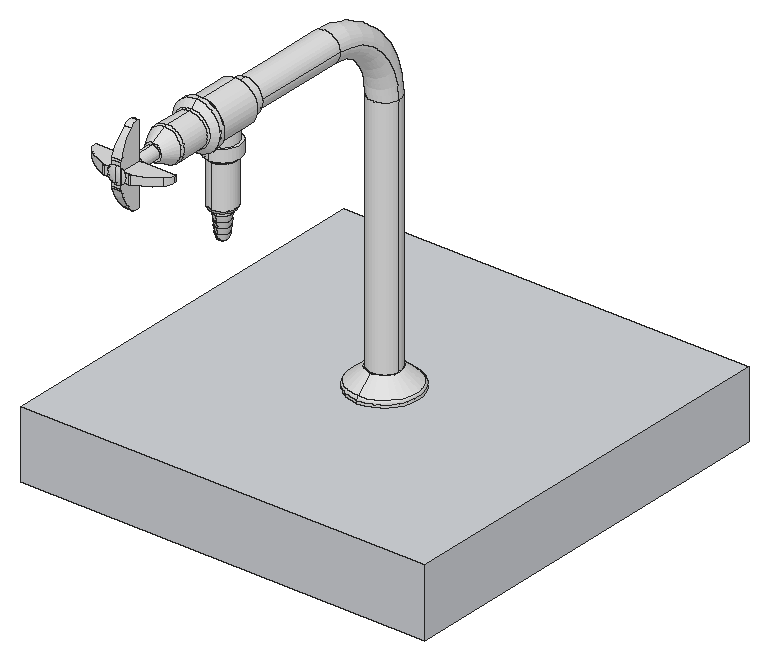
Revit family
Parameters (values of type "TL17FJ16C")
  WELSRating_ANZRS = "5 star"
  URL = "www.galvinengineering.com.au"
  Type Comments = "TL17"
  TubeNozzleVisibility = yes
  StyleOrType_ANZRS = "Plumbing Fixture"
  Seating = "Jumper Valve"
  PlumbingMaterial_ANZRS = Metal_Taps_DR-Brass-with-Chrome-Finish_10800
  Outlet = "XT Tube Nozzle with Integral Mini Dual Check Valve"
  ModifiedIssue_ANZRS = 20120305.01  # constant formula
  Model = "TL17FJ16C"
  Manufacturer = "Galvin Engineering"
  Keynote = "15400"
  Instructions = "http://www.galvinengineering.com.au/Installation_Guides_1.aspx"
  Inlet = "15mm Male"
  FlowRate = 0.10 L/s
  FilterObject_ANZRS = "TL17"
  Description = "Lab Set 1-Way with Right Angle Valve Type 17"
  Default Elevation = 900 mm
  CreatedBy_ANZRS = "Galvin Engineering"
  CreatedByURL_ANZRS = "www.galvinengineering.com.au"
  CreatedByPhoneNo_ANZRS = "61-8-92495900"
  Circulation_ANZRS = yes
  Assembly Code = "D2010"
  AeratorVisibility = not(TubeNozzleVisibility)  # no
Types (3, lengths in mm): name | TubeNozzleVisibility | Outlet | Model | AeratorVisibility
  (no name) | yes | "XT Tube Nozzle with Integral Mini Dual Check Valve" | "TL17FJ16C" | no
  TL17FJ1C | no | "#1 Aerator" | "TL17FJ1C" | yes
  TL17FJ16C | yes | "XT Tube Nozzle with Integral Mini Dual Check Valve" | "TL17FJ16C" | no
Reference planes
  plane 1 "Center (Front/Back)": y = 0
  plane 2 "Face": z = 0
  plane 3 "Center (Left/Right)": x = 0
  plane 4 "ConnectorHost": z = 0
Forms (mm)
  Extrusion 1, solid
    sketch origin (0, -719.2, 0) x (1, 0, 0) y (0, 1, 0)
      loop
        line (-150, 869.2) -> (-150, 569.2) -> (150, 569.2) -> (150, 869.2) -> (-150, 869.2)
    from 0 to -50
  Sweep 2, solid, material "Metal_Taps_DR-Brass-with-Chrome-Finish_10800" <- "PlumbingMaterial_ANZRS"
    path origin (0, 0, 0) x (0, 1, 0) y (0, 0, 1)
      loop
        line (-137.499, 250) -> (-55.113, 250)
        arc (-55.113, 250) -> (-16.142, 233.858) -> (0, 194.888) r 55.113
        line (0, 194.888) -> (0, 14.3)
    profile origin (0, 0, 104.594) x (1, 0, 0) y (0, 1, 0)
      loop
        circle (0, 0) r 11.11
  Revolve 3, solid, material "Metal_Taps_DR-Brass-with-Chrome-Finish_10800" <- "PlumbingMaterial_ANZRS", visible <- "AeratorVisibility"
    sketch origin (0, 0, 0) x (0, 1, 0) y (0, 0, 1)
      loop
        line (-138.387, 227.905) -> (-137.299, 227.905) -> (-137.299, 230.227)
        arc (-137.299, 230.227) -> (-137.445, 230.581) -> (-137.799, 230.727) r 0.5
        line (-137.799, 230.727) -> (-150.006, 230.727) -> (-150.006, 227.905) -> (-141.447, 227.905) -> (-141.447, 210) -> (-138.987, 210)
        arc (-138.987, 210) -> (-138.566, 211.402) -> (-138.387, 212.855) r 8.634
        line (-138.387, 212.855) -> (-138.387, 227.905)
      axis (-150.006, 230.727) -> (-150.006, 210)
    angle from 0 to 360
  Revolve 4, solid, material "Metal_Taps_DR-Brass-with-Chrome-Finish_10800" <- "PlumbingMaterial_ANZRS"
    sketch origin (0, 0, 0) x (0, 1, 0) y (0, 0, 1)
      loop
        arc (-231.399, 220.362) -> (-230.279, 220.772) -> (-229.807, 221.867) r 1.507
        line (-229.807, 221.867) -> (-229.807, 278.133)
        arc (-229.807, 278.133) -> (-230.263, 279.213) -> (-231.355, 279.64) r 1.507
        arc (-231.355, 279.64) -> (-234.824, 278.988) -> (-237.78, 277.058) r 9.043
        arc (-237.78, 277.058) -> (-243.983, 269.251) -> (-248.073, 260.158) r 40.19
        arc (-248.073, 260.158) -> (-248.239, 259.428) -> (-248.295, 258.682) r 5.024
        line (-248.295, 258.682) -> (-248.295, 241.183)
        arc (-248.295, 241.183) -> (-248.239, 240.438) -> (-248.074, 239.709) r 5.024
        arc (-248.074, 239.709) -> (-244.058, 230.726) -> (-237.979, 222.988) r 40.19
        arc (-237.979, 222.988) -> (-234.957, 221.004) -> (-231.399, 220.362) r 9.043
      axis (-206.045, 279.64) -> (-206.045, 220.362)
    angle from -4.66 to 4.66
  Revolve 5, solid, material "Metal_Taps_DR-Brass-with-Chrome-Finish_10800" <- "PlumbingMaterial_ANZRS"
    sketch origin (-110.242, 100.536, 250.001) x (-1, 0, 0) y (0, -1, 0)
      loop
        arc (-139.881, 331.934) -> (-139.471, 330.815) -> (-138.376, 330.343) r 1.507
        line (-138.376, 330.343) -> (-82.11, 330.343)
        arc (-82.11, 330.343) -> (-81.03, 330.799) -> (-80.603, 331.89) r 1.507
        arc (-80.603, 331.89) -> (-81.255, 335.36) -> (-83.186, 338.316) r 9.043
        arc (-83.186, 338.316) -> (-90.992, 344.519) -> (-100.085, 348.609) r 40.19
        arc (-100.085, 348.609) -> (-100.815, 348.775) -> (-101.562, 348.831) r 5.024
        line (-101.562, 348.831) -> (-119.061, 348.831)
        arc (-119.061, 348.831) -> (-119.806, 348.775) -> (-120.534, 348.61) r 5.024
        arc (-120.534, 348.61) -> (-129.517, 344.593) -> (-137.255, 338.514) r 40.19
        arc (-137.255, 338.514) -> (-139.239, 335.492) -> (-139.881, 331.934) r 9.043
      axis (-80.603, 306.581) -> (-139.881, 306.581)
    angle from -4.66 to 4.66
  Revolve 6, solid, material "Metal_Taps_DR-Brass-with-Chrome-Finish_10800" <- "PlumbingMaterial_ANZRS"
    sketch origin (0, 0, 0) x (0, 1, 0) y (0, 0, 1)
      loop
        arc (-249.293, 250) -> (-249, 246.649) -> (-248.129, 243.4) r 19.294
        line (-248.129, 243.4) -> (-248.129, 249.115) -> (-229.729, 249.115) -> (-229.729, 245.27) -> (-214.499, 245.27) -> (-214.499, 243.5) -> (-203.579, 237.858)
        arc (-203.579, 237.858) -> (-202.464, 237.441) -> (-201.283, 237.3) r 5
        line (-201.283, 237.3) -> (-180.534, 237.3)
        arc (-180.534, 237.3) -> (-179.589, 237.115) -> (-178.785, 236.586) r 2.5
        line (-178.785, 236.586) -> (-174.249, 232.141) -> (-170.749, 232.141)
        arc (-170.749, 232.141) -> (-169.91, 233.123) -> (-169.507, 234.35) r 3.334
        line (-169.507, 234.35) -> (-137.499, 234.35) -> (-137.499, 237.5) -> (-128.499, 237.5) -> (-128.499, 250) -> (-249.293, 250)
      axis (-128.499, 250) -> (-249.293, 250)
    angle from 0 to 360
  Revolve 7, solid, material "Metal_Taps_DR-Brass-with-Chrome-Finish_10800" <- "PlumbingMaterial_ANZRS"
    sketch origin (0, 0, 0) x (0, 1, 0) y (0, 0, 1)
      loop
        line (0, 0) -> (25.15, 0) -> (25.15, 2)
        arc (25.15, 2) -> (24.87, 3.266) -> (24.082, 4.295) r 3
        line (24.082, 4.295) -> (12.2, 14.3) -> (0, 14.3) -> (0, 0)
      axis (0, 14.3) -> (0, 0)
    angle from 0 to 360
  Revolve 8, solid, material "Metal_Taps_DR-Brass-with-Chrome-Finish_10800" <- "PlumbingMaterial_ANZRS", visible <- "TubeNozzleVisibility"
    sketch origin (0, 0, 0) x (0, 1, 0) y (0, 0, 1)
      loop
        line (-150, 230.722) -> (-162.7, 230.722) -> (-162.7, 221.927) -> (-161.914, 221.927) -> (-160.177, 220.128)
        arc (-160.177, 220.128) -> (-159.933, 219.752) -> (-159.847, 219.311) r 1.176
        line (-159.847, 219.311) -> (-159.847, 187.7)
        arc (-159.847, 187.7) -> (-159.261, 186.286) -> (-157.847, 185.7) r 2
        line (-157.847, 185.7) -> (-155.549, 185.7) -> (-155.549, 182.2) -> (-156.349, 182.2) -> (-155.053, 177.9) -> (-155.849, 177.9) -> (-154.599, 173.6) -> (-155.399, 173.6) -> (-154.068, 169.3) -> (-154.849, 169.3) -> (-153.729, 165.446)
        arc (-153.729, 165.446) -> (-153.506, 165.124) -> (-153.135, 165) r 0.618
        line (-153.135, 165) -> (-150, 165) -> (-150, 230.722)
      axis (-150, 165) -> (-150, 230.722)
    angle from 0 to 360
  Revolve 9, solid, material "Metal_Taps_DR-Brass-with-Chrome-Finish_10800" <- "PlumbingMaterial_ANZRS"
    sketch origin (0, 0, 0) x (0, 1, 0) y (0, 0, 1)
      loop
        line (-150.006, 230.727) -> (-139.499, 230.727) -> (-139.499, 239.356) -> (-150.006, 239.356) -> (-150.006, 230.727)
      axis (-150.006, 239.356) -> (-150.006, 230.727)
    angle from 0 to 360
Lines and regions (mm)
  symbolic lines, style "Taps/Mixers"
    curve 1: line (-11.11, 0, 0) -> (-11.11, -128.499, 0)
    curve 2: line (11.11, -128.499, 0) -> (11.11, 0, 0)
    curve 3: arc (11.11, -22.699, 0) -> (0, 25.272, 0) -> (-11.11, -22.699, 0) r 25.272
    curve 4: arc (0, -24.082, 4.295) -> (0, -24.87, 3.266) -> (0, -25.15, 2) r 3
    curve 5: arc (0, 25.15, 2) -> (0, 24.87, 3.266) -> (0, 24.082, 4.295) r 3
    curve 6: line (0, 11.112, 14.3) -> (0, 11.112, 194.888)
    curve 7: line (0, 12.2, 14.3) -> (0, -12.2, 14.3)
    curve 8: line (0, 25.15, 2) -> (0, -25.15, 2)
    curve 9: line (0, -25.15, 0) -> (0, -25.15, 2)
    curve 10: line (0, -12.2, 14.3) -> (0, -24.082, 4.295)
    curve 11: line (0, 12.2, 14.3) -> (0, 24.082, 4.295)
    curve 12: line (0, 25.15, 2) -> (0, 25.15, 0)
    curve 13: line (0, 25.15, 0) -> (0, -25.15, 0)
    curve 14: line (0, -11.113, 194.888) -> (0, -11.113, 14.3)
    curve 15: arc (0, -174.271, 250.073) -> (0, -175.557, 256.358) -> (0, -174.317, 262.652) r 16.296
    curve 16: arc (0, -170.709, 262.652) -> (0, -169.469, 256.358) -> (0, -170.755, 250.073) r 16.296
    curve 17: arc (0, -178.811, 263.423) -> (0, -179.626, 262.878) -> (0, -180.587, 262.687) r 2.512
    curve 18: arc (0, -170.755, 267.871) -> (0, -169.482, 265.273) -> (0, -170.709, 262.652) r 3.35
    curve 19: arc (0, -174.271, 262.615) -> (0, -175.544, 265.243) -> (0, -174.271, 267.871) r 3.35
    curve 20: arc (0, -203.622, 262.127) -> (0, -202.503, 262.545) -> (0, -201.316, 262.687) r 5.024
    curve 21: arc (0, -180.587, 237.313) -> (0, -179.626, 237.122) -> (0, -178.811, 236.577) r 2.512
    curve 22: arc (0, -170.755, 250.073) -> (0, -169.469, 243.729) -> (0, -170.755, 237.385) r 16.296
    curve 23: arc (0, -174.271, 237.385) -> (0, -175.557, 243.729) -> (0, -174.271, 250.073) r 16.296
    curve 24: arc (0, -174.271, 232.129) -> (0, -175.544, 234.757) -> (0, -174.271, 237.385) r 3.35
    curve 25: arc (0, -170.755, 237.385) -> (0, -169.482, 234.757) -> (0, -170.755, 232.129) r 3.35
    curve 26: arc (0, -201.316, 237.313) -> (0, -202.503, 237.455) -> (0, -203.622, 237.873) r 5.024
    curve 27: arc (0, -248.129, 243.427) -> (0, -249.293, 250.027) -> (0, -248.129, 256.627) r 19.294
    curve 28: arc (0, -247.908, 260.337) -> (0, -243.911, 269.278) -> (0, -237.86, 276.979) r 40
    curve 29: arc (0, -237.86, 276.979) -> (0, -234.853, 278.954) -> (0, -231.312, 279.593) r 9
    curve 30: arc (0, -231.312, 279.593) -> (0, -230.198, 279.185) -> (0, -229.729, 278.095) r 1.5
    curve 31: arc (0, -248.129, 258.864) -> (0, -248.073, 259.609) -> (0, -247.908, 260.337) r 5.024
    curve 32: arc (0, -245.924, 253.442) -> (0, -247.061, 253.962) -> (0, -247.807, 254.965) r 2.512
    curve 33: arc (0, -247.807, 254.965) -> (0, -247.996, 255.509) -> (0, -248.129, 256.07) r 5.554
    curve 34: arc (0, -237.614, 222.987) -> (0, -243.817, 230.793) -> (0, -247.907, 239.886) r 40.19
    curve 35: arc (0, -231.251, 220.404) -> (0, -234.687, 221.068) -> (0, -237.614, 222.987) r 9.043
    curve 36: arc (0, -229.729, 221.911) -> (0, -230.175, 220.84) -> (0, -231.251, 220.404) r 1.507
    curve 37: arc (0, -247.907, 239.886) -> (0, -248.073, 240.616) -> (0, -248.129, 241.363) r 5.024
    curve 38: arc (0, -247.876, 245.081) -> (0, -247.141, 246.13) -> (0, -245.985, 246.681) r 2.512
    curve 39: arc (0, -248.129, 242.167) -> (0, -248.198, 243.641) -> (0, -247.876, 245.081) r 5.554
    curve 40: line (0, -203.622, 237.873) -> (0, -214.499, 243.493)
    curve 41: line (0, -214.499, 243.493) -> (0, -214.499, 256.507)
    curve 42: line (0, -214.499, 256.507) -> (0, -203.622, 262.127)
    curve 43: line (0, -180.587, 262.687) -> (0, -201.283, 262.687)
    curve 44: line (0, -201.283, 262.687) -> (0, -201.283, 237.313)
    curve 45: line (0, -201.283, 237.313) -> (0, -180.587, 237.313)
    curve 46: line (0, -175.527, 264.91) -> (0, -175.527, 234.424)
    curve 47: line (0, -170.755, 262.615) -> (0, -174.271, 262.615)
    curve 48: line (0, -170.755, 267.871) -> (0, -174.271, 267.871)
    curve 49: line (0, -174.271, 267.871) -> (0, -178.811, 263.423)
    curve 50: line (0, -169.499, 265.576) -> (0, -169.499, 234.424)
    curve 51: line (0, -170.755, 250.073) -> (0, -174.271, 250.073)
    curve 52: line (0, -170.755, 232.129) -> (0, -174.271, 232.129)
    curve 53: line (0, -174.271, 232.129) -> (0, -178.811, 236.577)
    curve 54: line (0, -170.755, 237.385) -> (0, -174.271, 237.385)
    curve 55: line (0, -248.129, 258.864) -> (0, -248.129, 241.363)
    curve 56: line (0, -229.729, 278.095) -> (0, -229.729, 221.911)
    curve 57: line (0, -229.729, 252.122) -> (0, -245.924, 253.442)
    curve 58: line (0, -214.499, 254.718) -> (0, -229.729, 254.718)
    curve 59: line (0, -229.729, 248.103) -> (0, -245.985, 246.681)
    curve 60: line (0, -214.499, 245.258) -> (0, -229.729, 245.258)
    curve 61: line (0, -128.499, 238.888) -> (0, -55.113, 238.888)
    curve 62: line (0, -128.499, 261.113) -> (0, -55.113, 261.113)
    curve 63: arc (0, -11.113, 194.888) -> (0, -24, 226) -> (0, -55.113, 238.888) r 44
    curve 64: arc (0, 11.112, 194.888) -> (0, -8.284, 241.716) -> (0, -55.113, 261.113) r 66.225
    curve 65: line (0, -169.507, 265.65) -> (0, -137.499, 265.65)
    curve 66: line (0, -169.507, 234.35) -> (0, -160.499, 234.35)
    curve 67: arc (0, -139.499, 234.35) -> (0, -149.999, 239.356) -> (0, -160.499, 234.35) r 13.515
    curve 68: line (0, -160.499, 234.35) -> (0, -160.499, 232.487)
    curve 69: line (0, -139.499, 234.35) -> (0, -139.499, 232.487)
    curve 70: line (0, -137.499, 234.35) -> (0, -139.499, 234.35)
    curve 71: line (0, -137.499, 265.65) -> (0, -137.499, 234.35)
    curve 72: line (0, -160.199, 232.505) -> (0, -139.799, 232.505)
    curve 73: arc (0, -160.199, 232.505) -> (0, -161.967, 231.773) -> (0, -162.699, 230.005) r 2.5
    curve 74: line (0, -162.699, 230.005) -> (0, -162.699, 227.905)
    curve 75: line (0, -162.699, 227.905) -> (0, -137.299, 227.905)
    curve 76: arc (0, -137.299, 230.005) -> (0, -138.031, 231.773) -> (0, -139.799, 232.505) r 2.5
    curve 77: line (0, -137.299, 227.905) -> (0, -137.299, 230.005)
    curve 83: line (0, -137.499, 262.5) -> (0, -128.499, 262.5)
    curve 84: line (0, -128.499, 262.5) -> (0, -128.499, 237.5)
    curve 85: line (0, -128.499, 237.5) -> (0, -137.499, 237.5)
    curve 86: arc (-24.082, 0, 4.295) -> (-24.868, 0, 3.27) -> (-25.15, 0, 2.01) r 3
    curve 87: arc (25.15, 0, 2) -> (24.87, 0, 3.266) -> (24.082, 0, 4.295) r 3
    curve 88: line (12.2, 0, 14.3) -> (24.082, 0, 4.295)
    curve 89: line (25.15, 0, 2.01) -> (-25.15, 0, 2.01)
    curve 90: line (-25.15, 0, 0) -> (-25.15, 0, 2)
    curve 91: line (-12.2, 0, 14.3) -> (12.2, 0, 14.3)
    curve 92: line (-12.2, 0, 14.3) -> (-24.082, 0, 4.295)
    curve 93: line (25.15, 0, 2.01) -> (25.15, 0, 0)
    curve 94: line (25.15, 0, 0) -> (-25.15, 0, 0)
    curve 95: arc (-14.639, 0, 253.934) -> (-7.385, 0, 257.385) -> (-3.934, 0, 264.639) r 12
    curve 96: line (-3.934, 0, 264.639) -> (-2.539, 0, 278.154)
    curve 97: arc (-2.539, 0, 278.154) -> (-2.052, 0, 279.114) -> (-1.047, 0, 279.5) r 1.5
    curve 98: line (-1.047, 0, 279.5) -> (1.043, 0, 279.5)
    curve 99: arc (1.043, 0, 279.5) -> (2.049, 0, 279.112) -> (2.535, 0, 278.149) r 1.5
    curve 100: line (2.535, 0, 278.149) -> (3.882, 0, 264.682)
    curve 101: arc (3.882, 0, 264.682) -> (7.324, 0, 257.404) -> (14.59, 0, 253.939) r 12
    curve 102: line (14.59, 0, 253.939) -> (28.154, 0, 252.539)
    curve 103: arc (28.154, 0, 252.539) -> (29.114, 0, 252.052) -> (29.5, 0, 251.047) r 1.5
    curve 104: line (29.5, 0, 251.047) -> (29.5, 0, 248.953)
    curve 105: arc (29.5, 0, 248.953) -> (29.114, 0, 247.948) -> (28.154, 0, 247.461) r 1.5
    curve 106: line (28.154, 0, 247.461) -> (14.59, 0, 246.061)
    curve 107: arc (14.59, 0, 246.061) -> (7.324, 0, 242.596) -> (3.882, 0, 235.318) r 12
    curve 108: line (3.882, 0, 235.318) -> (2.535, 0, 221.851)
    curve 109: arc (2.535, 0, 221.851) -> (2.049, 0, 220.888) -> (1.043, 0, 220.5) r 1.5
    curve 110: line (1.043, 0, 220.5) -> (-1.047, 0, 220.5)
    curve 111: arc (-1.047, 0, 220.5) -> (-2.052, 0, 220.886) -> (-2.539, 0, 221.846) r 1.5
    curve 112: line (-2.539, 0, 221.846) -> (-3.934, 0, 235.362)
    curve 113: arc (-3.934, 0, 235.362) -> (-7.385, 0, 242.615) -> (-14.639, 0, 246.066) r 12
    curve 114: line (-14.639, 0, 246.066) -> (-28.154, 0, 247.461)
    curve 115: arc (-28.154, 0, 247.461) -> (-29.114, 0, 247.948) -> (-29.5, 0, 248.953) r 1.5
    curve 116: line (-29.5, 0, 248.953) -> (-29.5, 0, 251.047)
    curve 117: arc (-29.5, 0, 251.047) -> (-29.114, 0, 252.052) -> (-28.154, 0, 252.539) r 1.5
    curve 118: line (-28.154, 0, 252.539) -> (-14.639, 0, 253.934)
    curve 119: circle (-0.002, 0, 250) r 6.5 normal (0, -1, 0)
    curve 140: line (-11.115, 0, 232.335) -> (-11.115, 0, 237.776)
    curve 141: line (-10.502, 0, 237.163) -> (-10.502, 0, 232.488)
    curve 142: line (10.498, 0, 237.168) -> (10.498, 0, 232.487)
    curve 143: line (11.11, 0, 232.331) -> (11.11, 0, 237.78)
    curve 144: line (-10.207, 0, 232.505) -> (-3.639, 0, 232.505)
    curve 145: line (10.193, 0, 232.505) -> (3.601, 0, 232.505)
    curve 146: arc (12.693, 0, 230.005) -> (11.961, 0, 231.773) -> (10.193, 0, 232.505) r 2.5
    curve 147: line (12.693, 0, 227.905) -> (12.693, 0, 230.005)
    curve 148: line (12.693, 0, 227.905) -> (3.141, 0, 227.905)
    curve 149: line (-12.707, 0, 227.905) -> (-3.164, 0, 227.905)
    curve 150: line (-12.707, 0, 230.005) -> (-12.707, 0, 227.905)
    curve 151: arc (-10.207, 0, 232.505) -> (-11.974, 0, 231.773) -> (-12.707, 0, 230.005) r 2.5
    curve 157: line (-11.113, 0, 14.3) -> (-11.113, 0, 211.219)
    curve 158: line (11.112, 0, 14.3) -> (11.105, 0, 211.173)
    curve 159: arc (-11.11, 0, 0) -> (0, 11.11, 0) -> (11.11, 0, 0) r 11.11
    curve 160: arc (0.073, -174.501, 0) -> (6.358, -175.787, 0) -> (12.652, -174.547, 0) r 16.296
    curve 161: arc (12.615, -170.923, 0) -> (6.338, -169.699, 0) -> (0.073, -170.984, 0) r 16.296
    curve 162: arc (13.423, -179.04, 0) -> (12.878, -179.855, 0) -> (12.687, -180.816, 0) r 2.512
    curve 163: arc (17.871, -170.984, 0) -> (15.273, -169.712, 0) -> (12.652, -170.939, 0) r 3.35
    curve 164: arc (12.615, -174.501, 0) -> (15.243, -175.774, 0) -> (17.871, -174.501, 0) r 3.35
    curve 165: arc (12.127, -203.622, 0) -> (12.545, -202.503, 0) -> (12.687, -201.316, 0) r 5.024
    curve 166: arc (-12.687, -180.816, 0) -> (-12.878, -179.855, 0) -> (-13.423, -179.04, 0) r 2.512
    curve 167: arc (0.073, -170.984, 0) -> (-6.271, -169.699, 0) -> (-12.615, -170.984, 0) r 16.296
    curve 168: arc (-12.615, -174.501, 0) -> (-6.271, -175.787, 0) -> (0.073, -174.501, 0) r 16.296
    curve 169: arc (-17.871, -174.501, 0) -> (-15.243, -175.774, 0) -> (-12.615, -174.501, 0) r 3.35
    curve 170: arc (-12.615, -170.984, 0) -> (-15.243, -169.712, 0) -> (-17.871, -170.984, 0) r 3.35
    curve 171: arc (-12.687, -201.283, 0) -> (-12.549, -202.487, 0) -> (-12.127, -203.622, 0) r 5.024
    curve 172: line (-12.127, -203.622, 0) -> (-6.507, -214.499, 0)
    curve 173: line (-6.507, -214.499, 0) -> (6.507, -214.499, 0)
    curve 174: line (6.507, -214.499, 0) -> (12.127, -203.622, 0)
    curve 175: line (12.687, -180.816, 0) -> (12.687, -201.316, 0)
    curve 176: line (12.687, -201.283, 0) -> (-12.687, -201.283, 0)
    curve 177: line (-12.687, -201.283, 0) -> (-12.687, -180.816, 0)
    curve 178: line (14.91, -175.757, 0) -> (-15.576, -175.757, 0)
    curve 179: line (12.615, -170.923, 0) -> (12.615, -174.501, 0)
    curve 180: line (17.871, -170.984, 0) -> (17.871, -174.501, 0)
    curve 181: line (17.871, -174.501, 0) -> (13.423, -179.04, 0)
    curve 182: line (15.219, -169.728, 0) -> (-15.576, -169.728, 0)
    curve 183: line (0.073, -170.984, 0) -> (0.073, -174.501, 0)
    curve 184: line (-17.871, -170.984, 0) -> (-17.871, -174.501, 0)
    curve 185: line (-17.871, -174.501, 0) -> (-13.423, -179.04, 0)
    curve 186: line (-12.615, -170.984, 0) -> (-12.615, -174.501, 0)
    curve 187: line (4.718, -214.499, 0) -> (4.718, -229.729, 0)
    curve 188: line (-4.742, -214.499, 0) -> (-4.742, -229.729, 0)
    curve 189: line (-15.794, -137.499, 0) -> (15.794, -137.499, 0)
    curve 190: line (15.794, -137.499, 0) -> (15.794, -169.757, 0)
    curve 191: line (-15.794, -137.499, 0) -> (-15.794, -169.757, 0)
    curve 192: arc (-6.726, -248.129, 0) -> (-0.126, -249.293, 0) -> (6.474, -248.129, 0) r 19.294
    curve 193: arc (10.184, -247.908, 0) -> (19.125, -243.911, 0) -> (26.826, -237.86, 0) r 40
    curve 194: arc (26.826, -237.86, 0) -> (28.801, -234.853, 0) -> (29.44, -231.312, 0) r 9
    curve 195: arc (29.44, -231.312, 0) -> (29.032, -230.198, 0) -> (27.942, -229.729, 0) r 1.5
    curve 196: arc (8.711, -248.129, 0) -> (9.456, -248.073, 0) -> (10.184, -247.908, 0) r 5.024
    curve 197: arc (3.289, -245.924, 0) -> (3.809, -247.061, 0) -> (4.812, -247.807, 0) r 2.512
    curve 198: arc (4.812, -247.807, 0) -> (5.356, -247.996, 0) -> (5.917, -248.129, 0) r 5.554
    curve 199: arc (-27.166, -237.614, 0) -> (-19.36, -243.817, 0) -> (-10.267, -247.907, 0) r 40.19
    curve 200: arc (-29.749, -231.251, 0) -> (-29.085, -234.687, 0) -> (-27.166, -237.614, 0) r 9.043
    curve 201: arc (-28.242, -229.729, 0) -> (-29.313, -230.175, 0) -> (-29.749, -231.251, 0) r 1.507
    curve 202: arc (-10.267, -247.907, 0) -> (-9.537, -248.073, 0) -> (-8.79, -248.129, 0) r 5.024
    curve 203: arc (-5.072, -247.876, 0) -> (-4.023, -247.141, 0) -> (-3.472, -245.985, 0) r 2.512
    curve 204: arc (-7.986, -248.129, 0) -> (-6.512, -248.198, 0) -> (-5.072, -247.876, 0) r 5.554
    curve 205: line (8.711, -248.129, 0) -> (-8.79, -248.129, 0)
    curve 206: line (27.942, -229.729, 0) -> (-28.242, -229.729, 0)
    curve 207: line (1.969, -229.729, 0) -> (3.289, -245.924, 0)
    curve 208: line (-2.05, -229.729, 0) -> (-3.472, -245.985, 0)
    curve 209: line (-12.5, -128.499, 0) -> (12.5, -128.499, 0)
    curve 210: line (-12.5, -128.499, 0) -> (-12.5, -137.499, 0)
    curve 211: line (12.5, -128.499, 0) -> (12.5, -137.499, 0)
  symbolic lines, style "Taps/Mixers", visible <- "AeratorVisibility"
    curve 78: line (0, -138.387, 213.5) -> (0, -138.387, 227.905)
    curve 79: line (0, -161.587, 213.5) -> (0, -161.587, 227.905)
    curve 80: arc (0, -161.587, 213.5) -> (0, -161.469, 211.719) -> (0, -160.987, 210) r 8.634
    curve 81: line (0, -160.987, 210) -> (0, -138.987, 210)
    curve 82: arc (0, -138.987, 210) -> (0, -138.505, 211.719) -> (0, -138.387, 213.5) r 8.634
    curve 152: line (-11.595, 0, 227.905) -> (-11.595, 0, 214.405)
    curve 153: arc (-11.595, 0, 214.405) -> (-11.477, 0, 212.624) -> (-10.995, 0, 210.905) r 8.634
    curve 154: line (-10.995, 0, 210.905) -> (11.005, 0, 210.905)
    curve 155: arc (11.005, 0, 210.905) -> (11.487, 0, 212.624) -> (11.605, 0, 214.405) r 8.634
    curve 156: line (11.605, 0, 214.405) -> (11.605, 0, 227.905)
  symbolic lines, style "Taps/Mixers", detail levels medium+fine
    curve 120: arc (-4.563, 0, 261.854) -> (-8.983, 0, 258.981) -> (-11.857, 0, 254.562) r 12.7
    curve 121: arc (11.852, 0, 254.552) -> (8.962, 0, 258.994) -> (4.511, 0, 261.87) r 12.7
    curve 122: arc (4.511, 0, 238.13) -> (8.962, 0, 241.006) -> (11.852, 0, 245.449) r 12.7
    curve 123: arc (-11.857, 0, 245.438) -> (-8.983, 0, 241.019) -> (-4.563, 0, 238.146) r 12.7
    curve 124: arc (-3.787, 0, 266.06) -> (-11.67, 0, 261.669) -> (-16.064, 0, 253.787) r 16.5
    curve 125: arc (16.055, 0, 253.788) -> (11.648, 0, 261.682) -> (3.743, 0, 266.069) r 16.5
    curve 126: arc (3.743, 0, 233.931) -> (11.648, 0, 238.318) -> (16.055, 0, 246.212) r 16.5
    curve 127: arc (-16.064, 0, 246.213) -> (-11.67, 0, 238.331) -> (-3.787, 0, 233.94) r 16.5
    curve 128: line (-16.504, 0, 246.259) -> (-16.504, 0, 243.165)
    curve 129: line (-16.504, 0, 243.165) -> (-6.839, 0, 233.5)
    curve 130: line (-6.839, 0, 233.5) -> (-3.742, 0, 233.5)
    curve 131: line (3.7, 0, 233.5) -> (6.83, 0, 233.5)
    curve 132: line (6.83, 0, 233.5) -> (16.496, 0, 243.165)
    curve 133: line (16.496, 0, 243.165) -> (16.496, 0, 246.258)
    curve 134: line (16.496, 0, 253.742) -> (16.496, 0, 256.835)
    curve 135: line (16.496, 0, 256.835) -> (6.83, 0, 266.5)
    curve 136: line (6.83, 0, 266.5) -> (3.7, 0, 266.5)
    curve 137: line (-3.742, 0, 266.5) -> (-6.839, 0, 266.5)
    curve 138: line (-6.839, 0, 266.5) -> (-16.504, 0, 256.835)
    curve 139: line (-16.504, 0, 256.835) -> (-16.504, 0, 253.741)
  symbolic lines, style "Taps/Mixers", visible <- "TubeNozzleVisibility"
    curve 212: line (0, -162.699, 218.422) -> (0, -137.299, 218.422)
    curve 213: line (0, -162.699, 227.905) -> (0, -162.699, 218.422)
    curve 214: line (0, -159.97, 216.553) -> (0, -161.84, 218.422)
    curve 215: line (0, -159.97, 216.553) -> (0, -139.981, 216.553)
    curve 216: line (0, -159.979, 187.7) -> (0, -159.979, 216.562)
    curve 217: line (0, -139.981, 216.553) -> (0, -139.981, 187.7)
    curve 218: arc (0, -159.979, 187.7) -> (0, -159.393, 186.286) -> (0, -157.979, 185.7) r 2
    curve 219: line (0, -141.981, 185.7) -> (0, -157.979, 185.7)
    curve 220: arc (0, -141.981, 185.7) -> (0, -140.567, 186.286) -> (0, -139.981, 187.7) r 2
    curve 221: line (0, -155.779, 185.7) -> (0, -155.779, 182.2)
    curve 222: line (0, -143.479, 182.2) -> (0, -156.481, 182.2)
    curve 223: line (0, -156.481, 182.2) -> (0, -155.329, 177.9)
    curve 224: line (0, -143.979, 177.9) -> (0, -155.981, 177.9)
    curve 225: line (0, -155.981, 177.9) -> (0, -154.831, 173.6)
    curve 226: line (0, -144.429, 173.6) -> (0, -155.531, 173.6)
    curve 227: line (0, -155.531, 173.6) -> (0, -154.381, 169.3)
    curve 228: line (0, -144.979, 169.3) -> (0, -154.981, 169.3)
    curve 229: line (0, -154.981, 169.3) -> (0, -153.773, 165.144)
    curve 230: line (0, -146.419, 165) -> (0, -153.581, 165)
    curve 231: arc (0, -153.773, 165.144) -> (0, -153.701, 165.04) -> (0, -153.581, 165) r 0.2
    curve 232: line (0, -137.299, 227.905) -> (0, -137.299, 218.422)
    curve 233: line (0, -139.99, 216.553) -> (0, -138.12, 218.422)
    curve 234: line (0, -144.181, 185.7) -> (0, -144.181, 182.2)
    curve 235: line (0, -143.479, 182.2) -> (0, -144.631, 177.9)
    curve 236: line (0, -143.979, 177.9) -> (0, -145.129, 173.6)
    curve 237: line (0, -144.429, 173.6) -> (0, -145.579, 169.3)
    curve 238: line (0, -144.979, 169.3) -> (0, -146.187, 165.144)
    curve 239: arc (0, -146.187, 165.144) -> (0, -146.259, 165.04) -> (0, -146.379, 165) r 0.2
    curve 240: line (-12.7, -312.797, 218.422) -> (12.7, -312.797, 218.422)
    curve 241: line (-12.7, -312.797, 227.905) -> (-12.7, -312.797, 218.422)
    curve 242: line (-9.972, -312.797, 216.553) -> (-11.841, -312.797, 218.422)
    curve 243: line (-9.972, -312.797, 216.553) -> (10.018, -312.797, 216.553)
    curve 244: line (-9.98, -312.797, 187.7) -> (-9.98, -312.797, 216.562)
    curve 245: line (10.018, -312.797, 216.553) -> (10.018, -312.797, 187.7)
    curve 246: arc (-9.98, -312.797, 187.7) -> (-9.394, -312.797, 186.286) -> (-7.98, -312.797, 185.7) r 2
    curve 247: line (8.018, -312.797, 185.7) -> (-7.98, -312.797, 185.7)
    curve 248: arc (8.018, -312.797, 185.7) -> (9.432, -312.797, 186.286) -> (10.018, -312.797, 187.7) r 2
    curve 249: line (-5.78, -312.797, 185.7) -> (-5.78, -312.797, 182.2)
    curve 250: line (6.52, -312.797, 182.2) -> (-6.482, -312.797, 182.2)
    curve 251: line (-6.482, -312.797, 182.2) -> (-5.33, -312.797, 177.9)
    curve 252: line (6.02, -312.797, 177.9) -> (-5.982, -312.797, 177.9)
    curve 253: line (-5.982, -312.797, 177.9) -> (-4.832, -312.797, 173.6)
    curve 254: line (5.57, -312.797, 173.6) -> (-5.532, -312.797, 173.6)
    curve 255: line (-5.532, -312.797, 173.6) -> (-4.382, -312.797, 169.3)
    curve 256: line (5.02, -312.797, 169.3) -> (-4.982, -312.797, 169.3)
    curve 257: line (-4.982, -312.797, 169.3) -> (-3.774, -312.797, 165.144)
    curve 258: line (3.58, -312.797, 165) -> (-3.582, -312.797, 165)
    curve 259: arc (-3.774, -312.797, 165.144) -> (-3.702, -312.797, 165.04) -> (-3.582, -312.797, 165) r 0.2
    curve 260: line (12.7, -312.797, 227.905) -> (12.7, -312.797, 218.422)
    curve 261: line (10.009, -312.797, 216.553) -> (11.878, -312.797, 218.422)
    curve 262: line (5.818, -312.797, 185.7) -> (5.818, -312.797, 182.2)
    curve 263: line (6.52, -312.797, 182.2) -> (5.368, -312.797, 177.9)
    curve 264: line (6.02, -312.797, 177.9) -> (4.87, -312.797, 173.6)
    curve 265: line (5.57, -312.797, 173.6) -> (4.42, -312.797, 169.3)
    curve 266: line (5.02, -312.797, 169.3) -> (3.812, -312.797, 165.144)
    curve 267: arc (3.812, -312.797, 165.144) -> (3.74, -312.797, 165.04) -> (3.62, -312.797, 165) r 0.2
    curve 268: line (-11.113, 0, 211.219) -> (-11.113, 0, 217.694)
    curve 269: line (11.105, 0, 211.173) -> (11.105, 0, 217.649)
Dimensions and locks
  aligned and locked: plane 2 "Face" to Extrusion 1
  aligned and locked: level to Extrusion 1
Connectors
  piping at (0, 0, 0), driven by "FlowRate"
    settings: index 1, connector radius 0.29528", flow factor 0, pipe flow 0.10 L/s, pressure drop 0.00 psi, fitting loss kfactor 0, connector angle 0.00°, fixture units 0, flow configuration 1, flow direction 1, fitting loss method 0, system type 20, connector reference index -1, connector utility 0, adjustable connector no, is connector primary yes, fitting loss table "", connector description "CW"
